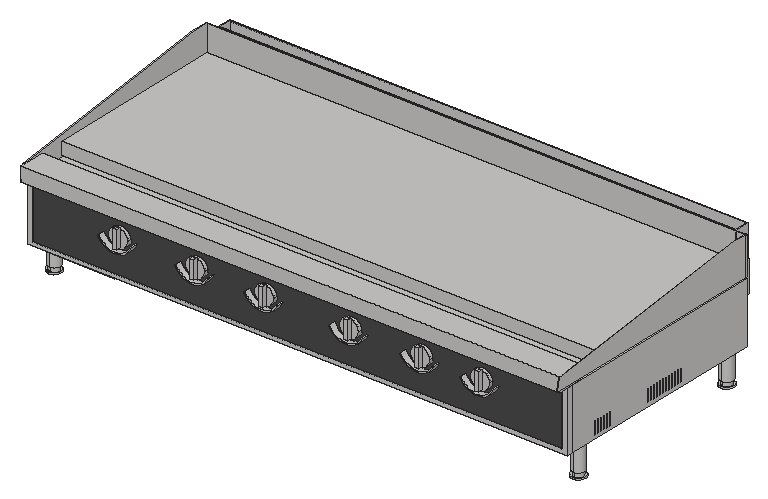
Revit family "QF_Vollrath_972GGT", category Specialty Equipment, Revit 2016
Family settings
  Part Type = Normal
  Round Connector Dimension = Use Diameter
  OmniClass Number = 23.40.40.14.17.31
  OmniClass Title = Small Specialized Cooking Equipment
  Work Plane-Based = No
  Always vertical = Yes
  Cut with Voids When Loaded = No
  Shared = No
  Room Calculation Point = No
Parameters (values of type "972GGT")
  Width = 72.00"
  Weight in Pounds = 806
  Watermarked By = "http://revitwatermark.com"
  URL Cutsheet = ""
  URL = ""
  Status [instance] = ""
  Specification by User [instance] = ""
  Specification by Manufacturer [instance] = ""
  Serial Number [instance] = ""
  Seismic Rating [instance] = ""
  Revision Code [instance] = ""
  NAFEM Spec ID Number [instance] = ""
  Model = "972GGT"
  Mechanical Remarks [instance] = ""
  Mechanical Connection Type [instance] = ""
  Masterspec [instance] = ""
  Manufacturer = "Vollrath"
  Length = 31.00"
  Item Number [instance] = "-"
  Installed By [instance] = ""
  Height AFF [instance] = 26.00"
  Gas Size = 3/4"
  Gas RI Height [instance] = 0.00"
  Gas Input = 180000.0 Btu/h
  Gas Connection Height [instance] = Height AFF + 5.375"  # 31.375"
  Furnished By [instance] = ""
  Foodservice Equipment Identifier [instance] = yes
  Description = "Heavy-Duty Flat Top Gas Griddle Thermostatically Controlled"
  CSI MasterFormat = "11 44 00"
  Assembly Code = "E1090320"
Reference planes (in)
  plane 1: z = 0
  plane 2 "BOTTOM": z = 26
  plane 3 "LEFT CLEARANCE": x = -30.72076
  plane 4 "RIGHT CLEARANCE": x = 53.27924
  plane 5 "BACK CLEARANCE": y = 6
  plane 6 "Top of Legs": z = 30
  plane 7 "LEFT": x = -24.72076
  plane 8 "RIGHT": x = 47.27924
  plane 9 "BACK": y = 0
  plane 10: z = 29.75
  plane 11: z = 29.5
  plane 12: z = 31.5
  plane 13: y = -0.125
  plane 14: x = -24.59576
  plane 15 "Grease Trap": z = 38.37831
  plane 16 "TOP": z = 43.37831
  plane 17: y = -54.1
  plane 18: z = 37.04079
  plane 19: y = 1.5
  plane 20: z = 34.93
  plane 21: z = 35.1029
  plane 22: z = 40.00331
  plane 23 "FRONT": y = -33
  plane 24: y = -29.62
  plane 25: y = -26.37
  plane 26: x = 47.15424
  plane 27: x = 46.53171
  plane 28: x = -2.0635
  plane 29: x = 45.9365
  plane 30: x = 11.27924
  plane 31: x = -12.72076
  plane 32: x = -6.22076
  plane 33: z = 37.5
  plane 34: z = 30.60935
Forms (in)
  Extrusion 1, solid, material "QF_Finishes_Stainless Steel"
    sketch origin (0, -2, 26) x (0, 1, 0) y (-1, 0, 0)
      loop
        circle (-2, 23.59576) r 0.9375
    from 0 to 0.125
  Extrusion 2, solid, material "QF_Finishes_Stainless Steel"
    sketch origin (0, -2, 26) x (0, 1, 0) y (-1, 0, 0)
      loop
        circle (-2, 23.59576) r 0.625
    from 0.125 to 0.75
  Extrusion 3, solid, material "QF_Finishes_Stainless Steel"
    sketch origin (0, -2, 26) x (0, 1, 0) y (-1, 0, 0)
      loop
        circle (-2, 23.59576) r 0.8125
    from 0.75 to 4
  Extrusion 4, solid, material "QF_Finishes_Stainless Steel"
    sketch origin (33.375, -2, 26) x (0, 1, 0) y (-1, 0, 0)
      loop
        circle (-2, -12.90424) r 0.9375
    from 0 to 0.125
  Extrusion 5, solid, material "QF_Finishes_Stainless Steel"
    sketch origin (33.375, -2, 26) x (0, 1, 0) y (-1, 0, 0)
      loop
        circle (-2, -12.90424) r 0.625
    from 0.125 to 0.75
  Extrusion 6, solid, material "QF_Finishes_Stainless Steel"
    sketch origin (33.375, -2, 26) x (0, 1, 0) y (-1, 0, 0)
      loop
        circle (-2, -12.90424) r 0.8125
    from 0.75 to 4
  Extrusion 7, solid, material "QF_Finishes_Stainless Steel"
    sketch origin (33.375, -27.75, 26) x (0, 1, 0) y (-1, 0, 0)
      loop
        circle (-1, -12.90424) r 0.9375
    from 0 to 0.125
  Extrusion 8, solid, material "QF_Finishes_Stainless Steel"
    sketch origin (33.375, -27.75, 26) x (0, 1, 0) y (-1, 0, 0)
      loop
        circle (-1, -12.90424) r 0.625
    from 0.125 to 0.75
  Extrusion 9, solid, material "QF_Finishes_Stainless Steel"
    sketch origin (33.375, -27.75, 26) x (0, 1, 0) y (-1, 0, 0)
      loop
        circle (-1, -12.90424) r 0.8125
    from 0.75 to 4
  Extrusion 10, solid, material "QF_Finishes_Stainless Steel"
    sketch origin (0, -27.75, 26) x (0, 1, 0) y (-1, 0, 0)
      loop
        circle (-1, 23.59576) r 0.9375
    from 0 to 0.125
  Extrusion 11, solid, material "QF_Finishes_Stainless Steel"
    sketch origin (0, -27.75, 26) x (0, 1, 0) y (-1, 0, 0)
      loop
        circle (-1, 23.59576) r 0.625
    from 0.125 to 0.75
  Extrusion 12, solid, material "QF_Finishes_Stainless Steel"
    sketch origin (0, -27.75, 26) x (0, 1, 0) y (-1, 0, 0)
      loop
        circle (-1, 23.59576) r 0.8125
    from 0.75 to 4
  Extrusion 13, solid, material "QF_Finishes_Stainless Steel"
    sketch origin (0, -2, 26) x (0, 1, 0) y (-1, 0, 0)
      loop
        line (0, 24.72076) -> (-29.04599, 24.72076) -> (-29.04599, -47.27924) -> (0, -47.27924) -> (0, 24.72076)
    from 4 to 12.06
  Extrusion 14, solid, material "QF_Finishes_Black"
    sketch origin (0, -2, 0) x (1, 0, 0) y (0, 0, 1)
      loop
        line (-21.72076, 30) -> (-21.72076, 29.75) -> (-13.63034, 29.75) -> (-13.63034, 30) -> (-21.72076, 30)
    from 20.18353 to 29.04599
  Extrusion 15, solid, material "QF_Finishes_Clearances", detail levels coarse
    sketch origin (0, 0, 26) x (0, 1, 0) y (-1, 0, 0)
      loop
        line (6, 30.72076) -> (-33, 30.72076) -> (-33, 24.72076) -> (6, 24.72076) -> (6, 30.72076)
    from 0 to 17.37831
  Extrusion 16, solid, material "QF_Finishes_Clearances", detail levels coarse
    sketch origin (0, 0, 26) x (0, 1, 0) y (-1, 0, 0)
      loop
        line (6, -47.27924) -> (-33, -47.27924) -> (-33, -53.27924) -> (6, -53.27924) -> (6, -47.27924)
    from 0 to 17.37831
  Extrusion 17, solid, material "QF_Finishes_Clearances", detail levels coarse
    sketch origin (0, 0, 26) x (0, 1, 0) y (-1, 0, 0)
      loop
        line (6, 24.72076) -> (0, 24.72076) -> (0, -47.27924) -> (6, -47.27924) -> (6, 24.72076)
    from 0 to 17.37831
  Extrusion 18, solid, material "QF_Finishes_Stainless Steel"
    sketch origin (-8.68897, -2, 0) x (1, 0, 0) y (0, 0, 1)
      loop
        circle (26.46821, 31.5) r 0.375
    from -1.5 to 0
  Extrusion 19, solid, material "QF_Finishes_Stainless Steel"
    sketch origin (-36.59576, -2, 0) x (0, 1, 0) y (0, 0, 1)
      loop
        line (-30.61071, 39.92233) -> (-31.00644, 38.06) -> (0, 38.06) -> (0, 43.37831) -> (-2.02013, 43.37831) -> (-30.61071, 39.92233)
    from 11.875 to 12
  Extrusion 20, solid, material "QF_Finishes_Stainless Steel"
    sketch origin (-24.72076, -2, 0) x (0, 1, 0) y (0, 0, 1)
      loop
        line (-27.62, 38.06) -> (-27.62, 40.00331) -> (-31, 40.00331) -> (-31, 38.06) -> (-27.62, 38.06)
    from 0.125 to 71.875
  Extrusion 21, solid, material "QF_Finishes_Stainless Steel"
    sketch origin (12, -2, 0) x (1, 0, 0) y (0, 0, 1)
      loop
        line (-36.72076, 38.06) -> (-36.72076, 30) -> (35.27924, 30) -> (35.27924, 38.06) -> (-36.72076, 38.06)
      loop
        line (-36.02741, 37.5) -> (-36.02741, 30.59949) -> (34.53171, 30.59949) -> (34.53171, 37.5) -> (-36.02741, 37.5)
    from 29.04599 to 29.79599
  Extrusion 22, solid, material "QF_Finishes_Stainless Steel"
    sketch origin (-12.72076, -2, 0) x (0, 1, 0) y (0, 0, 1)
      loop
        line (-31.04007, 39.84698) -> (-31.41648, 38.37831) -> (0, 38.37831) -> (0, 43.37831) -> (-1.85356, 43.37831) -> (-31.04007, 39.84698)
    from 59.875 to 60
  Extrusion 23, solid, material "QF_Finishes_Stainless Steel"
    sketch origin (-24.72076, -2, 0) x (0, 1, 0) y (0, 0, 1)
      loop
        line (-0.125, 43.37831) -> (-0.125, 38.37831) -> (0, 38.37831) -> (0, 43.37831) -> (-0.125, 43.37831)
    from 0 to 72
  Extrusion 24, solid, material "QF_Finishes_Black"
    sketch origin (12, -2, -10) x (1, 0, 0) y (0, 0, 1)
      loop
        line (-36.02741, 47.5) -> (-36.02741, 40.59949) -> (34.53171, 40.59949) -> (34.53171, 47.5) -> (-36.02741, 47.5)
      loop
        circle (-4.79502, 45.36228) r 1.25
      loop
        circle (23.95498, 45.36228) r 1.25
      loop
        circle (15.96164, 45.36228) r 1.25
      loop
        circle (-14.04502, 45.36228) r 1.25
      loop
        circle (6.46164, 45.36228) r 1.25
      loop
        circle (-24.29502, 45.36228) r 1.25
    from 29.04599 to 29.79599
  Extrusion 25, void
    sketch origin (-24.72076, -2, 0) x (0, 1, 0) y (0, 0, 1)
      loop
        line (-25.39258, 32.24738) -> (-25.39258, 30.49738) -> (-25.14258, 30.49738) -> (-25.14258, 32.24738) -> (-25.39258, 32.24738)
      loop
        line (-24.89258, 32.24738) -> (-24.89258, 30.49738) -> (-24.64258, 30.49738) -> (-24.64258, 32.24738) -> (-24.89258, 32.24738)
      loop
        line (-24.39258, 32.24738) -> (-24.39258, 30.49738) -> (-24.14258, 30.49738) -> (-24.14258, 32.24738) -> (-24.39258, 32.24738)
      loop
        line (-23.89258, 32.24738) -> (-23.89258, 30.49738) -> (-23.64258, 30.49738) -> (-23.64258, 32.24738) -> (-23.89258, 32.24738)
      loop
        line (-23.39258, 32.24738) -> (-23.39258, 30.49738) -> (-23.14258, 30.49738) -> (-23.14258, 32.24738) -> (-23.39258, 32.24738)
      loop
        line (-22.89258, 32.24738) -> (-22.89258, 30.49738) -> (-22.64258, 30.49738) -> (-22.64258, 32.24738) -> (-22.89258, 32.24738)
      loop
        line (-22.43353, 32.24738) -> (-22.43353, 30.49738) -> (-22.18353, 30.49738) -> (-22.18353, 32.24738) -> (-22.43353, 32.24738)
      loop
        line (-21.93353, 32.24738) -> (-21.93353, 30.49738) -> (-21.68353, 30.49738) -> (-21.68353, 32.24738) -> (-21.93353, 32.24738)
      loop
        line (-21.43353, 32.24738) -> (-21.43353, 30.49738) -> (-21.18353, 30.49738) -> (-21.18353, 32.24738) -> (-21.43353, 32.24738)
      loop
        line (-20.93353, 32.24738) -> (-20.93353, 30.49738) -> (-20.68353, 30.49738) -> (-20.68353, 32.24738) -> (-20.93353, 32.24738)
      loop
        line (-20.43353, 32.24738) -> (-20.43353, 30.49738) -> (-20.18353, 30.49738) -> (-20.18353, 32.24738) -> (-20.43353, 32.24738)
      loop
        line (-19.93353, 32.24738) -> (-19.93353, 30.49738) -> (-19.68353, 30.49738) -> (-19.68353, 32.24738) -> (-19.93353, 32.24738)
      loop
        line (-19.47447, 32.24738) -> (-19.47447, 30.49738) -> (-19.22447, 30.49738) -> (-19.22447, 32.24738) -> (-19.47447, 32.24738)
      loop
        line (-18.97447, 32.24738) -> (-18.97447, 30.49738) -> (-18.72447, 30.49738) -> (-18.72447, 32.24738) -> (-18.97447, 32.24738)
      loop
        line (-18.47447, 32.24738) -> (-18.47447, 30.49738) -> (-18.22447, 30.49738) -> (-18.22447, 32.24738) -> (-18.47447, 32.24738)
      loop
        line (-17.97447, 32.24738) -> (-17.97447, 30.49738) -> (-17.72447, 30.49738) -> (-17.72447, 32.24738) -> (-17.97447, 32.24738)
      loop
        line (-17.47447, 32.24738) -> (-17.47447, 30.49738) -> (-17.22447, 30.49738) -> (-17.22447, 32.24738) -> (-17.47447, 32.24738)
      loop
        line (-16.97447, 32.24738) -> (-16.97447, 30.49738) -> (-16.72447, 30.49738) -> (-16.72447, 32.24738) -> (-16.97447, 32.24738)
      loop
        line (-16.51542, 32.24738) -> (-16.51542, 30.49738) -> (-16.26542, 30.49738) -> (-16.26542, 32.24738) -> (-16.51542, 32.24738)
      loop
        line (-16.01542, 32.24738) -> (-16.01542, 30.49738) -> (-15.76542, 30.49738) -> (-15.76542, 32.24738) -> (-16.01542, 32.24738)
      loop
        line (-15.51542, 32.24738) -> (-15.51542, 30.49738) -> (-15.26542, 30.49738) -> (-15.26542, 32.24738) -> (-15.51542, 32.24738)
      loop
        line (-15.01542, 32.24738) -> (-15.01542, 30.49738) -> (-14.76542, 30.49738) -> (-14.76542, 32.24738) -> (-15.01542, 32.24738)
      loop
        line (-14.51542, 32.24738) -> (-14.51542, 30.49738) -> (-14.26542, 30.49738) -> (-14.26542, 32.24738) -> (-14.51542, 32.24738)
      loop
        line (-14.01542, 32.24738) -> (-14.01542, 30.49738) -> (-13.76542, 30.49738) -> (-13.76542, 32.24738) -> (-14.01542, 32.24738)
      loop
        line (-13.55636, 32.24738) -> (-13.55636, 30.49738) -> (-13.30636, 30.49738) -> (-13.30636, 32.24738) -> (-13.55636, 32.24738)
      loop
        line (-13.05636, 32.24738) -> (-13.05636, 30.49738) -> (-12.80636, 30.49738) -> (-12.80636, 32.24738) -> (-13.05636, 32.24738)
      loop
        line (-12.55636, 32.24738) -> (-12.55636, 30.49738) -> (-12.30636, 30.49738) -> (-12.30636, 32.24738) -> (-12.55636, 32.24738)
      loop
        line (-12.05636, 32.24738) -> (-12.05636, 30.49738) -> (-11.80636, 30.49738) -> (-11.80636, 32.24738) -> (-12.05636, 32.24738)
      loop
        line (-11.55636, 32.24738) -> (-11.55636, 30.49738) -> (-11.30636, 30.49738) -> (-11.30636, 32.24738) -> (-11.55636, 32.24738)
      loop
        line (-11.05636, 32.24738) -> (-11.05636, 30.49738) -> (-10.80636, 30.49738) -> (-10.80636, 32.24738) -> (-11.05636, 32.24738)
      loop
        line (-10.59731, 32.24738) -> (-10.59731, 30.49738) -> (-10.34731, 30.49738) -> (-10.34731, 32.24738) -> (-10.59731, 32.24738)
      loop
        line (-10.09731, 32.24738) -> (-10.09731, 30.49738) -> (-9.84731, 30.49738) -> (-9.84731, 32.24738) -> (-10.09731, 32.24738)
      loop
        line (-9.59731, 32.24738) -> (-9.59731, 30.49738) -> (-9.34731, 30.49738) -> (-9.34731, 32.24738) -> (-9.59731, 32.24738)
      loop
        line (-9.09731, 32.24738) -> (-9.09731, 30.49738) -> (-8.84731, 30.49738) -> (-8.84731, 32.24738) -> (-9.09731, 32.24738)
      loop
        line (-8.63825, 32.24738) -> (-8.63825, 30.49738) -> (-8.38825, 30.49738) -> (-8.38825, 32.24738) -> (-8.63825, 32.24738)
      loop
        line (-8.13825, 32.24738) -> (-8.13825, 30.49738) -> (-7.88825, 30.49738) -> (-7.88825, 32.24738) -> (-8.13825, 32.24738)
      loop
        line (-7.63825, 32.24738) -> (-7.63825, 30.49738) -> (-7.38825, 30.49738) -> (-7.38825, 32.24738) -> (-7.63825, 32.24738)
      loop
        line (-7.13825, 32.24738) -> (-7.13825, 30.49738) -> (-6.88825, 30.49738) -> (-6.88825, 32.24738) -> (-7.13825, 32.24738)
      loop
        line (-6.63825, 32.24738) -> (-6.63825, 30.49738) -> (-6.38825, 30.49738) -> (-6.38825, 32.24738) -> (-6.63825, 32.24738)
      loop
        line (-6.13825, 32.24738) -> (-6.13825, 30.49738) -> (-5.88825, 30.49738) -> (-5.88825, 32.24738) -> (-6.13825, 32.24738)
      loop
        line (-5.63825, 32.24738) -> (-5.63825, 30.49738) -> (-5.38825, 30.49738) -> (-5.38825, 32.24738) -> (-5.63825, 32.24738)
      loop
        line (-5.13825, 32.24738) -> (-5.13825, 30.49738) -> (-4.88825, 30.49738) -> (-4.88825, 32.24738) -> (-5.13825, 32.24738)
      loop
        line (-4.63825, 32.24738) -> (-4.63825, 30.49738) -> (-4.38825, 30.49738) -> (-4.38825, 32.24738) -> (-4.63825, 32.24738)
    from 71.875 to 72
  Extrusion 26, void
    sketch origin (-48.47076, -2, 0) x (0, 1, 0) y (0, 0, 1)
      loop
        line (-25.39258, 32.24738) -> (-25.39258, 30.49738) -> (-25.14258, 30.49738) -> (-25.14258, 32.24738) -> (-25.39258, 32.24738)
      loop
        line (-24.89258, 32.24738) -> (-24.89258, 30.49738) -> (-24.64258, 30.49738) -> (-24.64258, 32.24738) -> (-24.89258, 32.24738)
      loop
        line (-24.39258, 32.24738) -> (-24.39258, 30.49738) -> (-24.14258, 30.49738) -> (-24.14258, 32.24738) -> (-24.39258, 32.24738)
      loop
        line (-23.89258, 32.24738) -> (-23.89258, 30.49738) -> (-23.64258, 30.49738) -> (-23.64258, 32.24738) -> (-23.89258, 32.24738)
      loop
        line (-23.39258, 32.24738) -> (-23.39258, 30.49738) -> (-23.14258, 30.49738) -> (-23.14258, 32.24738) -> (-23.39258, 32.24738)
      loop
        line (-22.89258, 32.24738) -> (-22.89258, 30.49738) -> (-22.64258, 30.49738) -> (-22.64258, 32.24738) -> (-22.89258, 32.24738)
      loop
        line (-22.43353, 32.24738) -> (-22.43353, 30.49738) -> (-22.18353, 30.49738) -> (-22.18353, 32.24738) -> (-22.43353, 32.24738)
      loop
        line (-21.93353, 32.24738) -> (-21.93353, 30.49738) -> (-21.68353, 30.49738) -> (-21.68353, 32.24738) -> (-21.93353, 32.24738)
      loop
        line (-21.43353, 32.24738) -> (-21.43353, 30.49738) -> (-21.18353, 30.49738) -> (-21.18353, 32.24738) -> (-21.43353, 32.24738)
      loop
        line (-20.93353, 32.24738) -> (-20.93353, 30.49738) -> (-20.68353, 30.49738) -> (-20.68353, 32.24738) -> (-20.93353, 32.24738)
      loop
        line (-20.43353, 32.24738) -> (-20.43353, 30.49738) -> (-20.18353, 30.49738) -> (-20.18353, 32.24738) -> (-20.43353, 32.24738)
      loop
        line (-19.93353, 32.24738) -> (-19.93353, 30.49738) -> (-19.68353, 30.49738) -> (-19.68353, 32.24738) -> (-19.93353, 32.24738)
      loop
        line (-19.47447, 32.24738) -> (-19.47447, 30.49738) -> (-19.22447, 30.49738) -> (-19.22447, 32.24738) -> (-19.47447, 32.24738)
      loop
        line (-18.97447, 32.24738) -> (-18.97447, 30.49738) -> (-18.72447, 30.49738) -> (-18.72447, 32.24738) -> (-18.97447, 32.24738)
      loop
        line (-18.47447, 32.24738) -> (-18.47447, 30.49738) -> (-18.22447, 30.49738) -> (-18.22447, 32.24738) -> (-18.47447, 32.24738)
      loop
        line (-17.97447, 32.24738) -> (-17.97447, 30.49738) -> (-17.72447, 30.49738) -> (-17.72447, 32.24738) -> (-17.97447, 32.24738)
      loop
        line (-17.47447, 32.24738) -> (-17.47447, 30.49738) -> (-17.22447, 30.49738) -> (-17.22447, 32.24738) -> (-17.47447, 32.24738)
      loop
        line (-16.97447, 32.24738) -> (-16.97447, 30.49738) -> (-16.72447, 30.49738) -> (-16.72447, 32.24738) -> (-16.97447, 32.24738)
      loop
        line (-16.51542, 32.24738) -> (-16.51542, 30.49738) -> (-16.26542, 30.49738) -> (-16.26542, 32.24738) -> (-16.51542, 32.24738)
      loop
        line (-16.01542, 32.24738) -> (-16.01542, 30.49738) -> (-15.76542, 30.49738) -> (-15.76542, 32.24738) -> (-16.01542, 32.24738)
      loop
        line (-15.51542, 32.24738) -> (-15.51542, 30.49738) -> (-15.26542, 30.49738) -> (-15.26542, 32.24738) -> (-15.51542, 32.24738)
      loop
        line (-15.01542, 32.24738) -> (-15.01542, 30.49738) -> (-14.76542, 30.49738) -> (-14.76542, 32.24738) -> (-15.01542, 32.24738)
      loop
        line (-14.51542, 32.24738) -> (-14.51542, 30.49738) -> (-14.26542, 30.49738) -> (-14.26542, 32.24738) -> (-14.51542, 32.24738)
      loop
        line (-14.01542, 32.24738) -> (-14.01542, 30.49738) -> (-13.76542, 30.49738) -> (-13.76542, 32.24738) -> (-14.01542, 32.24738)
      loop
        line (-13.55636, 32.24738) -> (-13.55636, 30.49738) -> (-13.30636, 30.49738) -> (-13.30636, 32.24738) -> (-13.55636, 32.24738)
      loop
        line (-13.05636, 32.24738) -> (-13.05636, 30.49738) -> (-12.80636, 30.49738) -> (-12.80636, 32.24738) -> (-13.05636, 32.24738)
      loop
        line (-12.55636, 32.24738) -> (-12.55636, 30.49738) -> (-12.30636, 30.49738) -> (-12.30636, 32.24738) -> (-12.55636, 32.24738)
      loop
        line (-12.05636, 32.24738) -> (-12.05636, 30.49738) -> (-11.80636, 30.49738) -> (-11.80636, 32.24738) -> (-12.05636, 32.24738)
      loop
        line (-11.55636, 32.24738) -> (-11.55636, 30.49738) -> (-11.30636, 30.49738) -> (-11.30636, 32.24738) -> (-11.55636, 32.24738)
      loop
        line (-11.05636, 32.24738) -> (-11.05636, 30.49738) -> (-10.80636, 30.49738) -> (-10.80636, 32.24738) -> (-11.05636, 32.24738)
      loop
        line (-10.59731, 32.24738) -> (-10.59731, 30.49738) -> (-10.34731, 30.49738) -> (-10.34731, 32.24738) -> (-10.59731, 32.24738)
      loop
        line (-10.13825, 32.24738) -> (-10.13825, 30.49738) -> (-9.88825, 30.49738) -> (-9.88825, 32.24738) -> (-10.13825, 32.24738)
      loop
        line (-9.63825, 32.24738) -> (-9.63825, 30.49738) -> (-9.38825, 30.49738) -> (-9.38825, 32.24738) -> (-9.63825, 32.24738)
      loop
        line (-9.13825, 32.24738) -> (-9.13825, 30.49738) -> (-8.88825, 30.49738) -> (-8.88825, 32.24738) -> (-9.13825, 32.24738)
      loop
        line (-8.63825, 32.24738) -> (-8.63825, 30.49738) -> (-8.38825, 30.49738) -> (-8.38825, 32.24738) -> (-8.63825, 32.24738)
      loop
        line (-8.13825, 32.24738) -> (-8.13825, 30.49738) -> (-7.88825, 30.49738) -> (-7.88825, 32.24738) -> (-8.13825, 32.24738)
      loop
        line (-7.63825, 32.24738) -> (-7.63825, 30.49738) -> (-7.38825, 30.49738) -> (-7.38825, 32.24738) -> (-7.63825, 32.24738)
      loop
        line (-7.1792, 32.24738) -> (-7.1792, 30.49738) -> (-6.9292, 30.49738) -> (-6.9292, 32.24738) -> (-7.1792, 32.24738)
      loop
        line (-6.6792, 32.24738) -> (-6.6792, 30.49738) -> (-6.4292, 30.49738) -> (-6.4292, 32.24738) -> (-6.6792, 32.24738)
      loop
        line (-6.1792, 32.24738) -> (-6.1792, 30.49738) -> (-5.9292, 30.49738) -> (-5.9292, 32.24738) -> (-6.1792, 32.24738)
      loop
        line (-5.6792, 32.24738) -> (-5.6792, 30.49738) -> (-5.4292, 30.49738) -> (-5.4292, 32.24738) -> (-5.6792, 32.24738)
      loop
        line (-5.1792, 32.24738) -> (-5.1792, 30.49738) -> (-4.9292, 30.49738) -> (-4.9292, 32.24738) -> (-5.1792, 32.24738)
      loop
        line (-4.6792, 32.24738) -> (-4.6792, 30.49738) -> (-4.4292, 30.49738) -> (-4.4292, 32.24738) -> (-4.6792, 32.24738)
    from 23.67052 to 24
  Extrusion 27, solid, material "QF_Finishes_Stainless Steel"
    sketch origin (29, -6, -10) x (1, 0, 0) y (0, 0, 1)
      loop
        circle (-21.79502, 45.36228) r 1.25
    from 25.04599 to 26.25
  Extrusion 28, solid, material "QF_Finishes_Stainless Steel"
    sketch origin (29, -6, -9.96039) x (1, 0, 0) y (0, 0, 1)
      loop
        line (-22.10719, 46.57267) -> (-22.10719, 44.14715) -> (-21.55452, 44.14715) -> (-21.55452, 46.57267) -> (-22.10719, 46.57267)
    from 26.25 to 26.75
  Extrusion 29, solid, material "QF_Finishes_Stainless Steel"
    sketch origin (40.29249, -6, -10) x (1, 0, 0) y (0, 0, 1)
      loop
        circle (-21.79502, 45.36228) r 1.25
    from 25.04599 to 26.25
  Extrusion 30, solid, material "QF_Finishes_Stainless Steel"
    sketch origin (40.29249, -6, -9.96039) x (1, 0, 0) y (0, 0, 1)
      loop
        line (-22.10719, 46.57267) -> (-22.10719, 44.14715) -> (-21.55452, 44.14715) -> (-21.55452, 46.57267) -> (-22.10719, 46.57267)
    from 26.25 to 26.75
  Extrusion 31, solid, material "QF_Finishes_Stainless Steel", not visible
    sketch origin (0, 0, 0.25) x (1, 0, 0) y (0, 0, 1)
      loop
        circle (-24.02485, 46.05421) r 0.25
    from 0.125 to 25.04599
  Extrusion 32, solid, material "QF_Finishes_Stainless Steel", not visible
    sketch origin (0.8089, 0, 0.25) x (1, 0, 0) y (0, 0, 1)
      loop
        circle (-24.02485, 46.05421) r 0.25
    from 0.125 to 25.04599
  Extrusion 33, solid, material "QF_Finishes_Stainless Steel", not visible
    sketch origin (1.62977, 0, 0.25) x (1, 0, 0) y (0, 0, 1)
      loop
        circle (-24.02485, 46.05421) r 0.25
    from 0.24473 to 25.25
  Extrusion 34, solid, material "QF_Finishes_Stainless Steel", not visible
    sketch origin (2.43868, 0, 0.25) x (1, 0, 0) y (0, 0, 1)
      loop
        circle (-24.02485, 46.05421) r 0.25
    from 0.24473 to 25.04599
  Extrusion 35, solid, material "QF_Finishes_Stainless Steel", not visible
    sketch origin (3.25954, 0, 0.25) x (1, 0, 0) y (0, 0, 1)
      loop
        circle (-24.02485, 46.05421) r 0.25
    from 0.24473 to 25.04599
  Extrusion 36, solid, material "QF_Finishes_Stainless Steel", not visible
    sketch origin (4.06845, 0, 0.25) x (1, 0, 0) y (0, 0, 1)
      loop
        circle (-24.02485, 46.05421) r 0.25
    from 0.125 to 25.75
  Extrusion 37, solid, material "QF_Finishes_Stainless Steel", not visible
    sketch origin (4.88932, 0, 0.25) x (1, 0, 0) y (0, 0, 1)
      loop
        circle (-24.02485, 46.05421) r 0.25
    from 0.125 to 25.04599
  Extrusion 38, solid, material "QF_Finishes_Stainless Steel", not visible
    sketch origin (5.69822, 0, 0.25) x (1, 0, 0) y (0, 0, 1)
      loop
        circle (-24.02485, 46.05421) r 0.25
    from 0.125 to 25.75
  Extrusion 39, solid, material "QF_Finishes_Stainless Steel", not visible
    sketch origin (6.51909, 0, 0.25) x (1, 0, 0) y (0, 0, 1)
      loop
        circle (-24.02485, 46.05421) r 0.25
    from 0.125 to 25.04599
  Extrusion 40, solid, material "QF_Finishes_Stainless Steel", not visible
    sketch origin (7.32799, 0, 0.25) x (1, 0, 0) y (0, 0, 1)
      loop
        circle (-24.02485, 46.05421) r 0.25
    from 0 to 25.04599
  Extrusion 41, solid, material "QF_Finishes_Stainless Steel", not visible
    sketch origin (8.14886, 0, 0.25) x (1, 0, 0) y (0, 0, 1)
      loop
        circle (-24.02485, 46.05421) r 0.25
    from 0 to 25.04599
  Extrusion 42, solid, material "QF_Finishes_Stainless Steel", not visible
    sketch origin (8.95777, 0, 0.25) x (1, 0, 0) y (0, 0, 1)
      loop
        circle (-24.02485, 46.05421) r 0.25
    from 0 to 25.04599
  Extrusion 43, solid, material "QF_Finishes_Stainless Steel", not visible
    sketch origin (9.76477, 0, 0.25) x (1, 0, 0) y (0, 0, 1)
      loop
        circle (-24.02485, 46.05421) r 0.25
    from 0 to 25.04599
  Extrusion 44, solid, material "QF_Finishes_Stainless Steel", not visible
    sketch origin (10.57367, 0, 0.25) x (1, 0, 0) y (0, 0, 1)
      loop
        circle (-24.02485, 46.05421) r 0.25
    from 0 to 25.04599
  Extrusion 45, solid, material "QF_Finishes_Stainless Steel", not visible
    sketch origin (11.39454, 0, 0.25) x (1, 0, 0) y (0, 0, 1)
      loop
        circle (-24.02485, 46.05421) r 0.25
    from 0 to 25.04599
  Extrusion 46, solid, material "QF_Finishes_Stainless Steel", not visible
    sketch origin (12.26638, 0, 0.25) x (1, 0, 0) y (0, 0, 1)
      loop
        circle (-24.02485, 46.05421) r 0.25
    from 0 to 25.04599
  Extrusion 47, solid, material "QF_Finishes_Stainless Steel", not visible
    sketch origin (13.08724, 0, 0.25) x (1, 0, 0) y (0, 0, 1)
      loop
        circle (-24.02485, 46.05421) r 0.25
    from 0 to 25.04599
  Extrusion 48, solid, material "QF_Finishes_Stainless Steel", not visible
    sketch origin (13.89615, 0, 0.25) x (1, 0, 0) y (0, 0, 1)
      loop
        circle (-24.02485, 46.05421) r 0.25
    from 0 to 25.04599
  Extrusion 49, solid, material "QF_Finishes_Stainless Steel", not visible
    sketch origin (15.40006, 0, 0.25) x (1, 0, 0) y (0, 0, 1)
      loop
        circle (-30.52485, 46.05421) r 0.25
    from 0 to 25.04599
  Extrusion 50, solid, material "QF_Finishes_Stainless Steel", not visible
    sketch origin (16.22092, 0, 0.25) x (1, 0, 0) y (0, 0, 1)
      loop
        circle (-30.52485, 46.05421) r 0.25
    from 0 to 25.25
  Extrusion 51, solid, material "QF_Finishes_Stainless Steel", not visible
    sketch origin (17.09276, 0, 0.25) x (1, 0, 0) y (0, 0, 1)
      loop
        circle (-30.52485, 46.05421) r 0.25
    from 0 to 25.04599
  Extrusion 52, solid, material "QF_Finishes_Stainless Steel", not visible
    sketch origin (17.91363, 0, 0.25) x (1, 0, 0) y (0, 0, 1)
      loop
        circle (-30.52485, 46.05421) r 0.25
    from 0 to 25.04599
  Extrusion 53, solid, material "QF_Finishes_Stainless Steel", not visible
    sketch origin (18.72253, 0, 0.25) x (1, 0, 0) y (0, 0, 1)
      loop
        circle (-30.52485, 46.05421) r 0.25
    from 0 to 25.04599
  Extrusion 54, solid, material "QF_Finishes_Stainless Steel", not visible
    sketch origin (19.5434, 0, 0.25) x (1, 0, 0) y (0, 0, 1)
      loop
        circle (-30.52485, 46.05421) r 0.25
    from 0 to 25.04599
  Extrusion 55, solid, material "QF_Finishes_Stainless Steel", not visible
    sketch origin (20.3523, 0, 0.25) x (1, 0, 0) y (0, 0, 1)
      loop
        circle (-30.52485, 46.05421) r 0.25
    from 0 to 25.04599
  Extrusion 56, solid, material "QF_Finishes_Stainless Steel", not visible
    sketch origin (21.17317, 0, 0.25) x (1, 0, 0) y (0, 0, 1)
      loop
        circle (-30.52485, 46.05421) r 0.25
    from 0 to 25.04599
  Extrusion 57, solid, material "QF_Finishes_Stainless Steel", not visible
    sketch origin (21.98208, 0, 0.25) x (1, 0, 0) y (0, 0, 1)
      loop
        circle (-30.52485, 46.05421) r 0.25
    from 0 to 25.04599
  Extrusion 58, solid, material "QF_Finishes_Stainless Steel", not visible
    sketch origin (22.80294, 0, 0.25) x (1, 0, 0) y (0, 0, 1)
      loop
        circle (-30.52485, 46.05421) r 0.25
    from 0 to 25.25
  Extrusion 59, solid, material "QF_Finishes_Stainless Steel", not visible
    sketch origin (23.61185, 0, 0.25) x (1, 0, 0) y (0, 0, 1)
      loop
        circle (-30.52485, 46.05421) r 0.25
    from 0 to 25.04599
  Extrusion 60, solid, material "QF_Finishes_Stainless Steel", not visible
    sketch origin (24.43272, 0, 0.25) x (1, 0, 0) y (0, 0, 1)
      loop
        circle (-30.52485, 46.05421) r 0.25
    from 0 to 25.04599
  Extrusion 61, solid, material "QF_Finishes_Stainless Steel", not visible
    sketch origin (25.24162, 0, 0.25) x (1, 0, 0) y (0, 0, 1)
      loop
        circle (-30.52485, 46.05421) r 0.25
    from 0 to 25.75
  Extrusion 62, solid, material "QF_Finishes_Stainless Steel", not visible
    sketch origin (26.06249, 0, 0.25) x (1, 0, 0) y (0, 0, 1)
      loop
        circle (-30.52485, 46.05421) r 0.25
    from 0 to 25.04599
  Extrusion 63, solid, material "QF_Finishes_Stainless Steel", not visible
    sketch origin (32.58158, 0, 0.25) x (1, 0, 0) y (0, 0, 1)
      loop
        circle (-36.02485, 46.05421) r 0.25
    from 0 to 25.04599
  Extrusion 64, solid, material "QF_Finishes_Stainless Steel", not visible
    sketch origin (33.40244, 0, 0.25) x (1, 0, 0) y (0, 0, 1)
      loop
        circle (-36.02485, 46.05421) r 0.25
    from 0 to 25.04599
  Extrusion 65, solid, material "QF_Finishes_Stainless Steel", not visible
    sketch origin (34.21135, 0, 0.25) x (1, 0, 0) y (0, 0, 1)
      loop
        circle (-36.02485, 46.05421) r 0.25
    from 0 to 25.75
  Sweep 66, solid, material "QF_Finishes_Stainless Steel"
    path origin (27.25, -32.63083, -10) x (1, 0, 0) y (0, 0, 1)
      loop
        arc (-22.40972, 45.02818) -> (-20.15972, 43.59334) -> (-17.90972, 45.02818) r 2.48155
    profile origin (7.09028, -32.63083, 33.59334) x (0, 0, 1) y (0, -1, 0)
      loop
        line (0, 0) -> (0, -0.83484) -> (0.14592, -0.83484) -> (0.14592, 0) -> (0, 0)
  Sweep 67, solid, material "QF_Finishes_Stainless Steel"
    path origin (38.54249, -32.63083, -10) x (1, 0, 0) y (0, 0, 1)
      loop
        arc (-22.40972, 45.02818) -> (-20.15972, 43.59334) -> (-17.90972, 45.02818) r 2.48155
    profile origin (18.38277, -32.63083, 33.59334) x (0, 0, 1) y (0, -1, 0)
      loop
        line (0, 0) -> (0, -0.83484) -> (0.14592, -0.83484) -> (0.14592, 0) -> (0, 0)
  Extrusion 68, solid, material "QF_Finishes_Stainless Steel"
    sketch origin (0, 0, 26) x (0, 1, 0) y (-1, 0, 0)
      loop
        line (0, 23.22076) -> (-2, 23.22076) -> (-2, -45.9365) -> (0, -45.9365) -> (0, 23.22076)
      loop
        line (-0.125, 23.09841) -> (-1.85689, 23.09841) -> (-1.85689, -45.77924) -> (-0.125, -45.77924) -> (-0.125, 23.09841)
    from 9.1029 to 17.37831
  Extrusion 69, solid, material "QF_Finishes_Stainless Steel"
    sketch origin (0, 0, 26) x (0, 1, 0) y (-1, 0, 0)
      loop
        line (0, 23.22076) -> (-2, 23.22076) -> (-2, -45.9365) -> (0, -45.9365) -> (0, 23.22076)
    from 8.93 to 9.1029
  Extrusion 70, solid, material "QF_Finishes_Stainless Steel"
    sketch origin (-24.72076, 0, 0) x (0, 1, 0) y (0, 0, 1)
      loop
        line (-26.37, 40.00331) -> (-26.37, 38.37831) -> (-2.125, 38.37831) -> (-2.125, 40.00331) -> (-26.37, 40.00331)
    from 0.125 to 71.875
  Extrusion 71, solid, material "QF_Finishes_Stainless Steel", not visible
    sketch origin (0.5, -6, 0) x (1, 0, 0) y (0, 0, 1)
      loop
        circle (-21.79502, 45.36228) r 1.25
    from 25.04599 to 26.25
  Extrusion 72, solid, material "QF_Finishes_Stainless Steel", not visible
    sketch origin (0.5, -6, 0.03961) x (1, 0, 0) y (0, 0, 1)
      loop
        line (-22.10719, 46.57267) -> (-22.10719, 44.14715) -> (-21.55452, 44.14715) -> (-21.55452, 46.57267) -> (-22.10719, 46.57267)
    from 26.25 to 26.75
  Extrusion 73, solid, material "QF_Finishes_Stainless Steel", not visible
    sketch origin (16.5, -6, 0) x (1, 0, 0) y (0, 0, 1)
      loop
        circle (-21.79502, 45.36228) r 1.25
    from 25.04599 to 26.25
  Extrusion 74, solid, material "QF_Finishes_Stainless Steel", not visible
    sketch origin (16.5, -6, 0.03961) x (1, 0, 0) y (0, 0, 1)
      loop
        line (-22.10719, 46.57267) -> (-22.10719, 44.14715) -> (-21.55452, 44.14715) -> (-21.55452, 46.57267) -> (-22.10719, 46.57267)
    from 26.25 to 26.75
  Sweep 75, solid, material "QF_Finishes_Stainless Steel", not visible
    path origin (-1.25, -32.63083, 0) x (1, 0, 0) y (0, 0, 1)
      loop
        arc (-22.40972, 45.02818) -> (-20.15972, 43.59334) -> (-17.90972, 45.02818) r 2.48155
    profile origin (-21.40972, -32.63083, 43.59334) x (0, 0, 1) y (0, -1, 0)
      loop
        line (0, 0) -> (0, -0.83484) -> (0.14592, -0.83484) -> (0.14592, 0) -> (0, 0)
  Sweep 76, solid, material "QF_Finishes_Stainless Steel", not visible
    path origin (14.75, -32.63083, 0) x (1, 0, 0) y (0, 0, 1)
      loop
        arc (-22.40972, 45.02818) -> (-20.15972, 43.59334) -> (-17.90972, 45.02818) r 2.48155
    profile origin (-5.40972, -32.63083, 43.59334) x (0, 0, 1) y (0, -1, 0)
      loop
        line (0, 0) -> (0, -0.83484) -> (0.14592, -0.83484) -> (0.14592, 0) -> (0, 0)
  Extrusion 77, solid, material "QF_Finishes_Black"
    sketch origin (-24.72076, 0, 0) x (0, 1, 0) y (0, 0, 1)
      loop
        line (-22.18353, 29.75) -> (-31.06225, 29.75) -> (-31.06225, 29.5) -> (-22.18353, 29.5) -> (-22.18353, 29.75)
    from 3 to 11.09041
  Extrusion 78, solid, material "QF_Finishes_Stainless Steel"
    sketch origin (19.78584, -6, -10) x (1, 0, 0) y (0, 0, 1)
      loop
        circle (-21.79502, 45.36228) r 1.25
    from 25.04599 to 26.25
  Extrusion 79, solid, material "QF_Finishes_Stainless Steel"
    sketch origin (19.78584, -6, -9.96039) x (1, 0, 0) y (0, 0, 1)
      loop
        line (-22.10719, 46.57267) -> (-22.10719, 44.14715) -> (-21.55452, 44.14715) -> (-21.55452, 46.57267) -> (-22.10719, 46.57267)
    from 26.25 to 26.75
  Sweep 80, solid, material "QF_Finishes_Stainless Steel"
    path origin (18.03584, -32.63083, -10) x (1, 0, 0) y (0, 0, 1)
      loop
        arc (-22.40972, 45.02818) -> (-20.15972, 43.59334) -> (-17.90972, 45.02818) r 2.48155
    profile origin (-2.12389, -32.63083, 33.59334) x (0, 0, 1) y (0, -1, 0)
      loop
        line (0, 0) -> (0, -0.83484) -> (0.14592, -0.83484) -> (0.14592, 0) -> (0, 0)
  Extrusion 81, solid, material "QF_Finishes_Stainless Steel", not visible
    sketch origin (21.04249, -6, 0) x (1, 0, 0) y (0, 0, 1)
      loop
        circle (-21.79502, 45.36228) r 1.25
    from 25.04599 to 26.25
  Extrusion 82, solid, material "QF_Finishes_Stainless Steel", not visible
    sketch origin (21.04249, -6, 0.03961) x (1, 0, 0) y (0, 0, 1)
      loop
        line (-22.10719, 46.57267) -> (-22.10719, 44.14715) -> (-21.55452, 44.14715) -> (-21.55452, 46.57267) -> (-22.10719, 46.57267)
    from 26.25 to 26.75
  Extrusion 83, solid, material "QF_Finishes_Stainless Steel", not visible
    sketch origin (28.5, -6, 0) x (1, 0, 0) y (0, 0, 1)
      loop
        circle (-21.79502, 45.36228) r 1.25
    from 25.04599 to 26.25
  Extrusion 84, solid, material "QF_Finishes_Stainless Steel", not visible
    sketch origin (28.5, -6, 0.03961) x (1, 0, 0) y (0, 0, 1)
      loop
        line (-22.10719, 46.57267) -> (-22.10719, 44.14715) -> (-21.55452, 44.14715) -> (-21.55452, 46.57267) -> (-22.10719, 46.57267)
    from 26.25 to 26.75
  Sweep 85, solid, material "QF_Finishes_Stainless Steel", not visible
    path origin (19.29249, -32.63083, 0) x (1, 0, 0) y (0, 0, 1)
      loop
        arc (-22.40972, 45.02818) -> (-20.15972, 43.59334) -> (-17.90972, 45.02818) r 2.48155
    profile origin (-0.86723, -32.63083, 43.59334) x (0, 0, 1) y (0, -1, 0)
      loop
        line (0, 0) -> (0, -0.83484) -> (0.14592, -0.83484) -> (0.14592, 0) -> (0, 0)
  Sweep 86, solid, material "QF_Finishes_Stainless Steel", not visible
    path origin (26.75, -32.63083, 0) x (1, 0, 0) y (0, 0, 1)
      loop
        arc (-22.40972, 45.02818) -> (-20.15972, 43.59334) -> (-17.90972, 45.02818) r 2.48155
    profile origin (6.59028, -32.63083, 43.59334) x (0, 0, 1) y (0, -1, 0)
      loop
        line (0, 0) -> (0, -0.83484) -> (0.14592, -0.83484) -> (0.14592, 0) -> (0, 0)
  Extrusion 87, solid, material "QF_Finishes_Stainless Steel", not visible
    sketch origin (12.53584, -6, 0) x (1, 0, 0) y (0, 0, 1)
      loop
        circle (-21.79502, 45.36228) r 1.25
    from 25.04599 to 26.25
  Extrusion 88, solid, material "QF_Finishes_Stainless Steel", not visible
    sketch origin (12.53584, -6, 0.03961) x (1, 0, 0) y (0, 0, 1)
      loop
        line (-22.10719, 46.57267) -> (-22.10719, 44.14715) -> (-21.55452, 44.14715) -> (-21.55452, 46.57267) -> (-22.10719, 46.57267)
    from 26.25 to 26.75
  Sweep 89, solid, material "QF_Finishes_Stainless Steel", not visible
    path origin (10.78584, -32.63083, 0) x (1, 0, 0) y (0, 0, 1)
      loop
        arc (-22.40972, 45.02818) -> (-20.15972, 43.59334) -> (-17.90972, 45.02818) r 2.48155
    profile origin (-9.37389, -32.63083, 43.59334) x (0, 0, 1) y (0, -1, 0)
      loop
        line (0, 0) -> (0, -0.83484) -> (0.14592, -0.83484) -> (0.14592, 0) -> (0, 0)
  Extrusion 90, solid, material "QF_Finishes_Stainless Steel"
    sketch origin (49.79249, -6, -10) x (1, 0, 0) y (0, 0, 1)
      loop
        circle (-21.79502, 45.36228) r 1.25
    from 25.04599 to 26.25
  Extrusion 91, solid, material "QF_Finishes_Stainless Steel"
    sketch origin (49.79249, -6, -9.96039) x (1, 0, 0) y (0, 0, 1)
      loop
        line (-22.10719, 46.57267) -> (-22.10719, 44.14715) -> (-21.55452, 44.14715) -> (-21.55452, 46.57267) -> (-22.10719, 46.57267)
    from 26.25 to 26.75
  Sweep 92, solid, material "QF_Finishes_Stainless Steel"
    path origin (48.04249, -32.63083, -10) x (1, 0, 0) y (0, 0, 1)
      loop
        arc (-22.40972, 45.02818) -> (-20.15972, 43.59334) -> (-17.90972, 45.02818) r 2.48155
    profile origin (27.88277, -32.63083, 33.59334) x (0, 0, 1) y (0, -1, 0)
      loop
        line (0, 0) -> (0, -0.83484) -> (0.14592, -0.83484) -> (0.14592, 0) -> (0, 0)
  Extrusion 93, solid, material "QF_Finishes_Stainless Steel", not visible
    sketch origin (17, -6, 0) x (1, 0, 0) y (0, 0, 1)
      loop
        circle (-21.79502, 45.36228) r 1.25
    from 25.04599 to 26.25
  Extrusion 94, solid, material "QF_Finishes_Stainless Steel", not visible
    sketch origin (17, -6, 0.03961) x (1, 0, 0) y (0, 0, 1)
      loop
        line (-22.10719, 46.57267) -> (-22.10719, 44.14715) -> (-21.55452, 44.14715) -> (-21.55452, 46.57267) -> (-22.10719, 46.57267)
    from 26.25 to 26.75
  Extrusion 95, solid, material "QF_Finishes_Stainless Steel", not visible
    sketch origin (28.29249, -6, 0) x (1, 0, 0) y (0, 0, 1)
      loop
        circle (-21.79502, 45.36228) r 1.25
    from 25.04599 to 26.25
  Extrusion 96, solid, material "QF_Finishes_Stainless Steel", not visible
    sketch origin (28.29249, -6, 0.03961) x (1, 0, 0) y (0, 0, 1)
      loop
        line (-22.10719, 46.57267) -> (-22.10719, 44.14715) -> (-21.55452, 44.14715) -> (-21.55452, 46.57267) -> (-22.10719, 46.57267)
    from 26.25 to 26.75
  Sweep 97, solid, material "QF_Finishes_Stainless Steel", not visible
    path origin (15.25, -32.63083, 0) x (1, 0, 0) y (0, 0, 1)
      loop
        arc (-22.40972, 45.02818) -> (-20.15972, 43.59334) -> (-17.90972, 45.02818) r 2.48155
    profile origin (-4.90972, -32.63083, 43.59334) x (0, 0, 1) y (0, -1, 0)
      loop
        line (0, 0) -> (0, -0.83484) -> (0.14592, -0.83484) -> (0.14592, 0) -> (0, 0)
  Sweep 98, solid, material "QF_Finishes_Stainless Steel", not visible
    path origin (26.54249, -32.63083, 0) x (1, 0, 0) y (0, 0, 1)
      loop
        arc (-22.40972, 45.02818) -> (-20.15972, 43.59334) -> (-17.90972, 45.02818) r 2.48155
    profile origin (6.38277, -32.63083, 43.59334) x (0, 0, 1) y (0, -1, 0)
      loop
        line (0, 0) -> (0, -0.83484) -> (0.14592, -0.83484) -> (0.14592, 0) -> (0, 0)
  Extrusion 99, solid, material "QF_Finishes_Stainless Steel", not visible
    sketch origin (7.78584, -6, 0) x (1, 0, 0) y (0, 0, 1)
      loop
        circle (-21.79502, 45.36228) r 1.25
    from 25.04599 to 26.25
  Extrusion 100, solid, material "QF_Finishes_Stainless Steel", not visible
    sketch origin (7.78584, -6, 0.03961) x (1, 0, 0) y (0, 0, 1)
      loop
        line (-22.10719, 46.57267) -> (-22.10719, 44.14715) -> (-21.55452, 44.14715) -> (-21.55452, 46.57267) -> (-22.10719, 46.57267)
    from 26.25 to 26.75
  Sweep 101, solid, material "QF_Finishes_Stainless Steel", not visible
    path origin (6.03584, -32.63083, 0) x (1, 0, 0) y (0, 0, 1)
      loop
        arc (-22.40972, 45.02818) -> (-20.15972, 43.59334) -> (-17.90972, 45.02818) r 2.48155
    profile origin (-14.12389, -32.63083, 43.59334) x (0, 0, 1) y (0, -1, 0)
      loop
        line (0, 0) -> (0, -0.83484) -> (0.14592, -0.83484) -> (0.14592, 0) -> (0, 0)
  Extrusion 102, solid, material "QF_Finishes_Stainless Steel", not visible
    sketch origin (37.79249, -6, 0) x (1, 0, 0) y (0, 0, 1)
      loop
        circle (-21.79502, 45.36228) r 1.25
    from 25.04599 to 26.25
  Extrusion 103, solid, material "QF_Finishes_Stainless Steel", not visible
    sketch origin (37.79249, -6, 0.03961) x (1, 0, 0) y (0, 0, 1)
      loop
        line (-22.10719, 46.57267) -> (-22.10719, 44.14715) -> (-21.55452, 44.14715) -> (-21.55452, 46.57267) -> (-22.10719, 46.57267)
    from 26.25 to 26.75
  Sweep 104, solid, material "QF_Finishes_Stainless Steel", not visible
    path origin (36.04249, -32.63083, 0) x (1, 0, 0) y (0, 0, 1)
      loop
        arc (-22.40972, 45.02818) -> (-20.15972, 43.59334) -> (-17.90972, 45.02818) r 2.48155
    profile origin (15.88277, -32.63083, 43.59334) x (0, 0, 1) y (0, -1, 0)
      loop
        line (0, 0) -> (0, -0.83484) -> (0.14592, -0.83484) -> (0.14592, 0) -> (0, 0)
  Extrusion 105, solid, material "QF_Finishes_Stainless Steel"
    sketch origin (57.78584, -6, -10) x (1, 0, 0) y (0, 0, 1)
      loop
        circle (-21.79502, 45.36228) r 1.25
    from 25.04599 to 26.25
  Extrusion 106, solid, material "QF_Finishes_Stainless Steel"
    sketch origin (57.78584, -6, -9.96039) x (1, 0, 0) y (0, 0, 1)
      loop
        line (-22.10719, 46.57267) -> (-22.10719, 44.14715) -> (-21.55452, 44.14715) -> (-21.55452, 46.57267) -> (-22.10719, 46.57267)
    from 26.25 to 26.75
  Sweep 107, solid, material "QF_Finishes_Stainless Steel"
    path origin (56.03584, -32.63083, -10) x (1, 0, 0) y (0, 0, 1)
      loop
        arc (-22.40972, 45.02818) -> (-20.15972, 43.59334) -> (-17.90972, 45.02818) r 2.48155
    profile origin (35.87611, -32.63083, 33.59334) x (0, 0, 1) y (0, -1, 0)
      loop
        line (0, 0) -> (0, -0.83484) -> (0.14592, -0.83484) -> (0.14592, 0) -> (0, 0)
  Extrusion 108, solid, material "QF_Finishes_Stainless Steel", not visible
    sketch origin (45.78584, -6, 0) x (1, 0, 0) y (0, 0, 1)
      loop
        circle (-21.79502, 45.36228) r 1.25
    from 25.04599 to 26.25
  Extrusion 109, solid, material "QF_Finishes_Stainless Steel", not visible
    sketch origin (45.78584, -6, 0.03961) x (1, 0, 0) y (0, 0, 1)
      loop
        line (-22.10719, 46.57267) -> (-22.10719, 44.14715) -> (-21.55452, 44.14715) -> (-21.55452, 46.57267) -> (-22.10719, 46.57267)
    from 26.25 to 26.75
  Sweep 110, solid, material "QF_Finishes_Stainless Steel", not visible
    path origin (44.03584, -32.63083, 0) x (1, 0, 0) y (0, 0, 1)
      loop
        arc (-22.40972, 45.02818) -> (-20.15972, 43.59334) -> (-17.90972, 45.02818) r 2.48155
    profile origin (23.87611, -32.63083, 43.59334) x (0, 0, 1) y (0, -1, 0)
      loop
        line (0, 0) -> (0, -0.83484) -> (0.14592, -0.83484) -> (0.14592, 0) -> (0, 0)
  Extrusion 111, solid, material "QF_Finishes_Stainless Steel", not visible
    sketch origin (0, -2, 10) x (1, 0, 0) y (0, 0, 1)
      loop
        line (-36.72076, 38.06) -> (-36.72076, 30) -> (35.27924, 30) -> (35.27924, 38.06) -> (-36.72076, 38.06)
      loop
        line (-36.02741, 37.5) -> (-36.02741, 30.59949) -> (34.53171, 30.59949) -> (34.53171, 37.5) -> (-36.02741, 37.5)
    from 29.04599 to 29.79599
  Extrusion 112, solid, material "QF_Finishes_Black", not visible
    sketch origin (0, -2, 0) x (1, 0, 0) y (0, 0, 1)
      loop
        line (-36.02741, 47.5) -> (-36.02741, 40.59949) -> (34.53171, 40.59949) -> (34.53171, 47.5) -> (-36.02741, 47.5)
      loop
        circle (-4.79502, 45.36228) r 1.25
      loop
        circle (23.95498, 45.36228) r 1.25
      loop
        circle (15.96164, 45.36228) r 1.25
      loop
        circle (-14.04502, 45.36228) r 1.25
      loop
        circle (6.46164, 45.36228) r 1.25
      loop
        circle (-24.29502, 45.36228) r 1.25
    from 29.04599 to 29.79599
  Extrusion 113, solid, material "QF_Finishes_Black"
    sketch origin (46, -2, 0) x (1, 0, 0) y (0, 0, 1)
      loop
        line (-9.72076, 30) -> (-9.72076, 29.75) -> (-1.63034, 29.75) -> (-1.63034, 30) -> (-9.72076, 30)
    from 20.18353 to 29.04599
  Extrusion 114, solid, material "QF_Finishes_Black"
    sketch origin (33.27924, 0, 0) x (0, 1, 0) y (0, 0, 1)
      loop
        line (-22.18353, 29.75) -> (-31.06225, 29.75) -> (-31.06225, 29.5) -> (-22.18353, 29.5) -> (-22.18353, 29.75)
    from 3 to 11.09041
  Extrusion 115, solid, material "QF_Finishes_Stainless Steel"
    sketch origin (9.53584, -6, -10) x (1, 0, 0) y (0, 0, 1)
      loop
        circle (-21.79502, 45.36228) r 1.25
    from 25.04599 to 26.25
  Extrusion 116, solid, material "QF_Finishes_Stainless Steel"
    sketch origin (9.53584, -6, -9.96039) x (1, 0, 0) y (0, 0, 1)
      loop
        line (-22.10719, 46.57267) -> (-22.10719, 44.14715) -> (-21.55452, 44.14715) -> (-21.55452, 46.57267) -> (-22.10719, 46.57267)
    from 26.25 to 26.75
  Sweep 117, solid, material "QF_Finishes_Stainless Steel"
    path origin (7.78584, -32.63083, -10) x (1, 0, 0) y (0, 0, 1)
      loop
        arc (-22.40972, 45.02818) -> (-20.15972, 43.59334) -> (-17.90972, 45.02818) r 2.48155
    profile origin (-12.37389, -32.63083, 33.59334) x (0, 0, 1) y (0, -1, 0)
      loop
        line (0, 0) -> (0, -0.83484) -> (0.14592, -0.83484) -> (0.14592, 0) -> (0, 0)
  Extrusion 118, solid, material "QF_Finishes_Stainless Steel", not visible
    sketch origin (-2.46416, -6, 0) x (1, 0, 0) y (0, 0, 1)
      loop
        circle (-21.79502, 45.36228) r 1.25
    from 25.04599 to 26.25
  Extrusion 119, solid, material "QF_Finishes_Stainless Steel", not visible
    sketch origin (-2.46416, -6, 0.03961) x (1, 0, 0) y (0, 0, 1)
      loop
        line (-22.10719, 46.57267) -> (-22.10719, 44.14715) -> (-21.55452, 44.14715) -> (-21.55452, 46.57267) -> (-22.10719, 46.57267)
    from 26.25 to 26.75
  Sweep 120, solid, material "QF_Finishes_Stainless Steel", not visible
    path origin (-4.21416, -32.63083, 0) x (1, 0, 0) y (0, 0, 1)
      loop
        arc (-22.40972, 45.02818) -> (-20.15972, 43.59334) -> (-17.90972, 45.02818) r 2.48155
    profile origin (-24.37389, -32.63083, 43.59334) x (0, 0, 1) y (0, -1, 0)
      loop
        line (0, 0) -> (0, -0.83484) -> (0.14592, -0.83484) -> (0.14592, 0) -> (0, 0)
Cuts and joins
  Extrusion 25, Extrusion 26 cuts Extrusion 13
  Extrusion 25 cuts Extrusion 15
  Extrusion 26 cuts Extrusion 16
  joined: Extrusion 68, Extrusion 69
Lines and regions (in)
  symbolic lines, style "QF_Clearances", detail levels coarse
    curve 1: line (-30.72076, -31, 26) -> (-30.72076, 6, 26)
    curve 2: line (-30.72076, 6, 26) -> (-24.72076, 6, 26)
    curve 3: line (-24.72076, 6, 26) -> (47.27924, 6, 26)
    curve 4: line (47.27924, 6, 26) -> (53.27924, 6, 26)
    curve 5: line (53.27924, 6, 26) -> (53.27924, -31, 26)
  symbolic lines
    curve 6: line (-24.72076, -2, 26) -> (47.27924, -2, 26)
    curve 7: line (47.27924, -2, 26) -> (47.27924, -29.62, 26)
    curve 8: line (47.27924, -29.62, 26) -> (-24.72076, -29.62, 26)
    curve 9: line (-24.72076, -29.62, 26) -> (-24.72076, -2, 26)
    curve 10: line (-24.72076, -33, 26) -> (47.27924, -33, 26)
    curve 14: line (47.27924, -26.37, 26) -> (-24.72076, -26.37, 26)
    curve 25: line (-21.72076, -29.62, 38.37831) -> (-21.72076, -26.37, 38.37831)
    curve 26: line (-17.63034, -29.62, 38.37831) -> (-17.63034, -26.37, 38.37831)
    curve 27: line (40.27924, -29.62, 38.37831) -> (40.27924, -26.37, 38.37831)
    curve 28: line (44.40424, -29.62, 38.37831) -> (44.40424, -26.37, 38.37831)
  symbolic lines, style "QF_Clearances", detail levels coarse+fine
    curve 11: line (-13.62076, -33, 26) -> (-13.62076, -54.1, 26)
    curve 12: line (-13.62076, -54.1, 26) -> (-21.82076, -54.1, 26)
    curve 13: line (-21.82076, -54.1, 26) -> (-21.82076, -33, 26)
    curve 18: line (36.17924, -33, 26) -> (36.17924, -54.1, 26)
    curve 19: line (36.17924, -54.1, 26) -> (44.37924, -54.1, 26)
    curve 20: line (44.37924, -54.1, 26) -> (44.37924, -33, 26)
  symbolic lines, style "SpecialityEquipment"
    curve 15: line (45.9365, -2, 26) -> (45.9365, 0, 26)
    curve 16: line (45.9365, 0, 26) -> (-23.22076, 0, 26)
    curve 17: line (-23.22076, 0, 26) -> (-23.22076, -2, 26)
  model lines
    curve 21: line (-21.72076, -29.62, 38.37831) -> (-21.72076, -26.37, 38.37831)
    curve 22: line (-17.63034, -26.37, 38.37831) -> (-17.63034, -29.62, 38.37831)
    curve 23: line (40.27924, -29.62, 38.37831) -> (40.27924, -26.37, 38.37831)
    curve 24: line (44.40424, -26.37, 38.37831) -> (44.40424, -29.62, 38.37831)
Dimensions and locks (in)
  "Height AFF": plane 2 "BOTTOM" to level
  plane 3 "LEFT CLEARANCE" to plane 7 "LEFT" = 6.00"
  locked: plane 8 "RIGHT" to plane 4 "RIGHT CLEARANCE" at 6
  plane 5 "BACK CLEARANCE" to plane 9 "BACK" = 6.00"
  locked: Extrusion 18 sketch curve to plane 6 "Top of Legs" at 1.5
  locked: plane 6 "Top of Legs" to plane 2 "BOTTOM" at 4
  locked: plane 10 to plane 11 at 0.25
  locked: plane 6 "Top of Legs" to plane 10 at 0.25
  locked: plane 12 to plane 6 "Top of Legs" at 1.5
  locked: plane 15 "Grease Trap" to plane 6 "Top of Legs" at 8.37831
  plane 17 to Extrusion 20 = 21.10"
  locked: plane 22 to plane 15 "Grease Trap" at 1.625
  locked: plane 16 "TOP" to plane 22 at 3.375
  locked: Extrusion 29 to plane 2 "BOTTOM" at 9.36228
  locked: plane 26 to plane 8 "RIGHT" at 0.125
  plane 26 to plane 8 "RIGHT" = 0.125"
  locked: plane 29 to plane 27 at 0.59522
  locked: plane 27 to plane 26 at 0.62253
  "Width": plane 7 "LEFT" to plane 8 "RIGHT"
  equal spacing: plane 7 "LEFT", plane 30, plane 8 "RIGHT"
  locked: plane 31 to plane 32 at 6.5
  curve 13 to curve 11 = 8.20"
  locked: Extrusion 27 to plane 2 "BOTTOM" at 9.36228
  locked: Extrusion 78 to plane 2 "BOTTOM" at 9.36228
  locked: plane 12 to plane 34 at 0.89065
  locked: plane 33 to plane 18 at 0.45921
  plane 7 "LEFT" to plane 30 to plane 8 "RIGHT" = 36.00", 36.00"
  locked: curve 20 to plane 8 "RIGHT" at 2.9
  locked: curve 18 to curve 20 at 8.2
  Extrusion 24 to Extrusion 21 = 7.46051"
  locked: plane 21 to plane 20 at 0.1729
  locked: plane 16 "TOP" to plane 21 at 8.27541
  aligned and locked: level to plane 1
  aligned and locked: Extrusion 15 to Extrusion 19
  aligned and locked: Extrusion 15 to Extrusion 17
  aligned and locked: Extrusion 15 to Extrusion 22
  aligned and locked: plane 16 "TOP" to Extrusion 15
  aligned and locked: Extrusion 13 to Extrusion 19
  aligned and locked: Extrusion 13 to Extrusion 20
  aligned and locked: Extrusion 16 to Extrusion 17
  aligned and locked: plane 21 to Extrusion 69
  aligned and locked: Extrusion 69 to plane 20
  aligned and locked: Extrusion 68 to Extrusion 69  (x2)
  aligned and locked: Extrusion 17 to Extrusion 68
  aligned and locked: Extrusion 70 sketch curve to plane 22
  aligned and locked: Extrusion 70 sketch curve to Extrusion 23
  aligned and locked: Extrusion 22 to plane 8 "RIGHT"
  aligned and locked: Extrusion 22 to Extrusion 20
  aligned and locked: Extrusion 23 to plane 8 "RIGHT"
  aligned and locked: Extrusion 21 to plane 8 "RIGHT"
  aligned and locked: Extrusion 24 to Extrusion 21
  aligned and locked: plane 27 to Extrusion 21
  aligned and locked: Extrusion 69 to curve 16
  aligned and locked: plane 26 to Extrusion 22
  aligned and locked: Extrusion 70 to Extrusion 20
  aligned and locked: Extrusion 77 sketch curve to Extrusion 14
  aligned and locked: Extrusion 77 sketch curve to plane 11
  aligned and locked: Extrusion 21 to Extrusion 19
  aligned and locked: Extrusion 21 to Extrusion 24
  aligned and locked: Extrusion 21 to Extrusion 3
  aligned and locked: Extrusion 114 sketch curve to Extrusion 113
Automatic sketch dimensions
  Extrusion 72 sketch curve to Extrusion 72 sketch curve = 0.55267"
  Extrusion 73 sketch curve to Extrusion 73 sketch curve = 1.25"
  Extrusion 74 sketch curve to Extrusion 74 sketch curve = 0.55267"
  profile plane to Sweep 75 sketch curve = 0.00"
  Sweep 75 sketch curve to profile plane = 0.00"
  Sweep 75 sketch curve to Sweep 75 sketch curve = 0.14592"
  Sweep 75 sketch curve to Sweep 75 sketch curve = 0.83484"
  Sweep 76 sketch curve to Sweep 76 sketch curve = 2.25"  (x2)
  profile plane to Sweep 76 sketch curve = 0.00"
  Sweep 76 sketch curve to profile plane = 0.00"
  Sweep 76 sketch curve to Sweep 76 sketch curve = 0.14592"
  Sweep 76 sketch curve to Sweep 76 sketch curve = 0.83484"
  Extrusion 71 sketch curve to Extrusion 71 sketch curve = 1.25"
  Extrusion 72 sketch curve to Extrusion 72 sketch curve = 2.42552"
  Extrusion 74 sketch curve to Extrusion 74 sketch curve = 2.42552"
  Sweep 75 sketch curve to Sweep 75 sketch curve = 2.25"  (x2)
  Sweep 75 sketch curve to Sweep 75 sketch curve = 1.04671"
  Sweep 76 sketch curve to Sweep 76 sketch curve = 1.04671"
  Extrusion 71 sketch curve to Extrusion 71 sketch curve = 0.00"  (x2)
  Extrusion 73 sketch curve to Extrusion 73 sketch curve = 0.00"  (x2)
  Extrusion 81 sketch curve to Extrusion 81 sketch curve = 1.25"
  Extrusion 82 sketch curve to Extrusion 82 sketch curve = 0.55267"
  Extrusion 83 sketch curve to Extrusion 83 sketch curve = 1.25"
  Extrusion 84 sketch curve to Extrusion 84 sketch curve = 0.55267"
  profile plane to Sweep 85 sketch curve = 0.00"
  Sweep 85 sketch curve to profile plane = 0.00"
  Sweep 85 sketch curve to profile plane = 0.14592"
  Sweep 85 sketch curve to Sweep 85 sketch curve = 0.83484"
  Sweep 86 sketch curve to Sweep 86 sketch curve = 2.25"  (x2)
  profile plane to Sweep 86 sketch curve = 0.00"
  Sweep 86 sketch curve to profile plane = 0.00"
  Sweep 86 sketch curve to Sweep 86 sketch curve = 0.14592"
  Sweep 86 sketch curve to Sweep 86 sketch curve = 0.83484"
  Extrusion 87 sketch curve to Extrusion 87 sketch curve = 1.25"
  Extrusion 88 sketch curve to Extrusion 88 sketch curve = 0.55267"
  Sweep 89 sketch curve to Sweep 89 sketch curve = 2.25"  (x2)
  profile plane to Sweep 89 sketch curve = 0.00"
  Sweep 89 sketch curve to profile plane = 0.00"
  Sweep 89 sketch curve to Sweep 89 sketch curve = 0.14592"
  Sweep 89 sketch curve to Sweep 89 sketch curve = 0.83484"
  Extrusion 82 sketch curve to Extrusion 82 sketch curve = 2.42552"
  Extrusion 84 sketch curve to Extrusion 84 sketch curve = 2.42552"
  Sweep 85 sketch curve to Sweep 85 sketch curve = 2.25"  (x2)
  Sweep 85 sketch curve to Sweep 85 sketch curve = 1.04671"
  Sweep 86 sketch curve to Sweep 86 sketch curve = 1.04671"
  Extrusion 88 sketch curve to Extrusion 88 sketch curve = 2.42552"
  Sweep 89 sketch curve to Sweep 89 sketch curve = 1.04671"
  Extrusion 81 sketch curve to Extrusion 81 sketch curve = 0.00"  (x2)
  Extrusion 83 sketch curve to Extrusion 83 sketch curve = 0.00"  (x2)
  Extrusion 87 sketch curve to Extrusion 87 sketch curve = 0.00"  (x2)
  Extrusion 27 sketch curve to Extrusion 27 sketch curve = 1.25"
  Extrusion 28 sketch curve to Extrusion 28 sketch curve = 0.55267"
  Extrusion 29 sketch curve to Extrusion 29 sketch curve = 1.25"
  Extrusion 30 sketch curve to Extrusion 30 sketch curve = 0.55267"
  profile plane to Sweep 66 sketch curve = 0.00"
  Sweep 66 sketch curve to profile plane = 0.00"
  Sweep 66 sketch curve to profile plane = 0.14592"
  Sweep 66 sketch curve to Sweep 66 sketch curve = 0.83484"
  Sweep 67 sketch curve to Sweep 67 sketch curve = 2.25"  (x2)
  profile plane to Sweep 67 sketch curve = 0.00"
